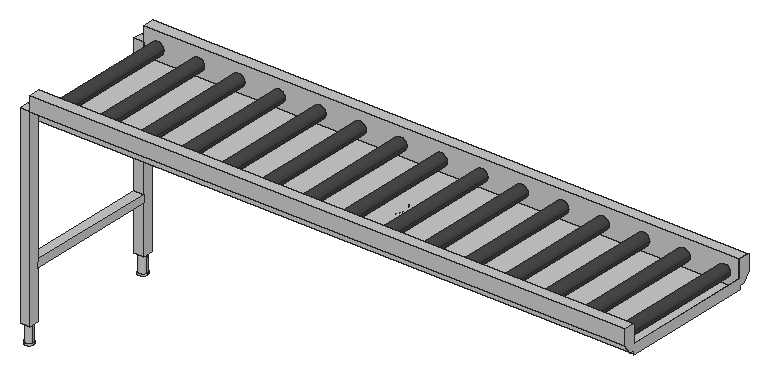
Revit family "QF_ELECTROLUXPROFESSIONAL_863036_HSLRC24", category Specialty Equipment, Revit 2018
Family settings
  Round Connector Dimension = Use Diameter
  Part Type = Normal
  Work Plane-Based = No
  Always vertical = Yes
  Cut with Voids When Loaded = No
  Shared = No
  Room Calculation Point = No
Parameters
  Weight = 0.00 kg
  Watts = 0 W
  Volts = 0 V
  URL Manufacturer = "http://professional.electrolux.com/"
  URL = "http://professional.electrolux.com/"
  Steam Supply Size = 0 mm
  Steam Supply Minimum Pressure = 0.0 Pa
  Steam Supply Maximum Pressure = 0.0 Pa
  Steam Pounds per Hour = 0
  Refrigeration Suction Line Size = 0 mm
  Refrigeration Liquid Line Size = 0 mm
  Refrigerant Compressor Remote = yes
  Manufacturer = "Electrolux"
  Phase = 0
  Model = "HSLRC24"
  Length Actual = 2400 mm  # constant formula
  Item Number = "863036"
  Hot Water Size = 0 mm
  Height Actual = 910 mm  # constant formula
  HP = "0 HP"
  Gas Size = 0 mm
  Gas KW = 0
  Gas Input Pressure = 0 W
  Description = "CONVEYOR, LONG ROLLERS, L=2400 MM"
  Depth Actual = 620 mm  # constant formula
  Cycle = 0 Hz
  Condensate Return Size = 0 mm
  Compressed Air Volume = 0.0 L/s
  Compressed Air Size = 0 mm
  Compressed Air Pressure = 0.0 Pa
  Cold Water Size = 0 mm
  Accessory = yes
Reference planes
  plane 1 "Centro (Fronte/Retro)": y = 74.737
  plane 2: z = 0
  plane 3 "LEFT": x = -1038.761
  plane 4 "BACK": y = 384.737
  plane 5 "FRONT": y = -235.263
  plane 6: z = 910
  plane 7 "RIGHT": x = 1361.239
  plane 8: x = 191.239
Forms (mm)
  Extrusion 1, solid, material "QF_Finishes_Stainless Steel"
    sketch origin (0, 74.737, 0) x (1, 0, 0) y (0, 0, 1)
      loop
        line (-1079.929, 300) -> (-1079.929, 270) -> (-1039.929, 270) -> (-1039.929, 300) -> (-1079.929, 300)
    from -266.504 to 266.46
  Extrusion 2, solid, material "QF_Finishes_Stainless Steel"
    sketch origin (11.239, 0, 0) x (0, 1, 0) y (0, 0, 1)
      loop
        line (-235.263, 910) -> (-235.263, 850.033) -> (-190.242, 850.033) -> (-190.242, 910) -> (-235.263, 910)
      loop
        line (384.737, 910) -> (339.716, 910) -> (339.716, 850.033) -> (384.737, 850.033) -> (384.737, 910)
    from -1050 to 1348.8
  Extrusion 3, solid, material "QF_Finishes_Stainless Steel"
    sketch origin (11.239, 0, 0) x (0, 1, 0) y (0, 0, 1)
      loop
        line (-191.727, 850.033) -> (-191.727, 800.081) -> (341.245, 800.081) -> (341.245, 850.033) -> (339.716, 850.033) -> (339.716, 803.081) -> (-190.242, 803.081) -> (-190.242, 850.033) -> (-191.727, 850.033)
    from -1050 to 1348.8
  Extrusion 4, solid, material "QF_Finishes_Black"
    sketch origin (0, 74.737, 0) x (1, 0, 0) y (0, 0, -1)
      loop
        circle (-980.637, -850.115) r 25
      loop
        circle (-817.512, -850.115) r 25
      loop
        circle (-654.387, -850.115) r 25
      loop
        circle (1303.115, -850.115) r 25
      loop
        circle (650.615, -850.115) r 25
      loop
        circle (813.74, -850.115) r 25
      loop
        circle (976.865, -850.115) r 25
      loop
        circle (1139.99, -850.115) r 25
      loop
        circle (-491.262, -850.115) r 25
      loop
        circle (487.489, -850.115) r 25
      loop
        circle (324.364, -850.115) r 25
      loop
        circle (161.239, -850.115) r 25
      loop
        circle (-328.136, -850.115) r 25
      loop
        circle (-1.886, -850.115) r 25
      loop
        circle (-165.011, -850.115) r 25
    from -260.534 to 260.534
  Extrusion 5, solid, material "QF_Finishes_Stainless Steel"
    sketch origin (2861.239, 723.253, 4000) x (0, 1, 0) y (0, 0, 1)
      loop
        line (-958.516, -3090) -> (-958.516, -3149.967) -> (-934.752, -3185.632) -> (-915.4, -3185.632) -> (-915.4, -3199.919) -> (-381.633, -3199.919) -> (-381.633, -3185.632) -> (-362.281, -3185.632) -> (-338.516, -3149.967) -> (-338.516, -3090) -> (-383.538, -3090) -> (-383.538, -3161.926) -> (-913.495, -3161.926) -> (-913.495, -3090) -> (-958.516, -3090)
    from -1500 to -1501.2
  Revolve 6, solid, material "QF_Finishes_Stainless Steel"
    sketch origin (161.04, 0, 0) x (0, 1, 0) y (0, 0, 1)
      loop
        line (74.737, 800.081) -> (12.53, 800.081) -> (12.319, 797.4) -> (12.319, 785.476) -> (17.293, 785.476) -> (17.293, 781.772)
        arc (17.293, 781.772) -> (20.266, 773.808) -> (27.77, 769.813) r 11.998
        line (27.77, 769.813) -> (74.737, 764.085) -> (74.737, 800.081)
      axis (74.737, 764.085) -> (74.737, 800.081)
    angle from 0 to 360
  Revolve 7, solid, material "QF_Finishes_Stainless Steel"
    sketch origin (191.04, -1524, 744.096) x (0, 0, 1) y (0, -1, 0)
      loop
        line (13.017, -1619.713) -> (30, -1619.713) -> (30, -1598.737) -> (0, -1598.737) -> (0, -1619.713) -> (2.434, -1622.253) -> (10.477, -1622.253) -> (13.017, -1619.713)
      axis (0, -1598.737) -> (30, -1598.737)
    angle from 0 to 360
Cuts and joins
  joined: Extrusion 2, Extrusion 3
Lines and regions (mm)
  Split face 1
    outline origin (1207.614, 339.716, 803.081) x (-1, 0, 0) y (0, -1, 0)
      loop
        circle (1047, 264.904) r 3.016
  Split face 2
    outline origin (1207.614, 339.716, 803.081) x (-1, 0, 0) y (0, -1, 0)
      loop
        circle (1047, 264.904) r 52.991
  Split face 3
    outline origin (1207.614, 339.716, 803.081) x (-1, 0, 0) y (0, -1, 0)
      loop
        circle (1047, 264.904) r 36.015
  Split face 4
    outline origin (1207.614, 339.716, 803.081) x (-1, 0, 0) y (0, -1, 0)
      loop
        circle (1047, 264.904) r 26.027
  Split face 5
    outline origin (1207.614, 339.716, 803.081) x (-1, 0, 0) y (0, -1, 0)
      loop
        circle (1047, 264.904) r 9.056
  Masking region 1
    outline origin (0, 0, 0) x (1, 0, 0) y (0, 1, 0)
      loop
        line (-1038.761, 384.737) -> (-1038.761, -235.263) -> (1361.239, -235.263) -> (1361.239, 384.737) -> (-1038.761, 384.737)
  symbolic lines
    curve 1: line (1361.239, 384.737, 0) -> (-1038.761, 384.737, 0)
    curve 2: line (-1038.761, 384.737, 0) -> (-1038.761, -235.263, 0)
    curve 3: line (-1038.761, 339.716, 0) -> (1361.239, 339.716, 0)
    curve 4: line (-1038.761, -235.263, 0) -> (1361.239, -235.263, 0)
    curve 5: line (1361.239, -235.263, 0) -> (1361.239, 384.737, 0)
    curve 6: line (1361.239, -190.242, 0) -> (-1038.761, -190.242, 0)
    curve 7: line (-955.637, 335.271, 0) -> (-1005.637, 335.271, 0)
    curve 8: line (-1005.637, 335.271, 0) -> (-1005.637, -185.797, 0)
    curve 9: line (-1005.637, -185.797, 0) -> (-955.637, -185.797, 0)
    curve 10: line (-955.637, -185.797, 0) -> (-955.637, 335.271, 0)
    curve 11: line (-792.512, 335.271, 0) -> (-842.512, 335.271, 0)
    curve 12: line (-842.512, 335.271, 0) -> (-842.512, -185.797, 0)
    curve 13: line (-842.512, -185.797, 0) -> (-792.512, -185.797, 0)
    curve 14: line (-792.512, -185.797, 0) -> (-792.512, 335.271, 0)
    curve 15: line (-629.387, 335.271, 0) -> (-679.387, 335.271, 0)
    curve 16: line (-679.387, 335.271, 0) -> (-679.387, -185.797, 0)
    curve 17: line (-679.387, -185.797, 0) -> (-629.387, -185.797, 0)
    curve 18: line (-629.387, -185.797, 0) -> (-629.387, 335.271, 0)
    curve 19: line (1328.115, 335.271, 0) -> (1278.115, 335.271, 0)
    curve 20: line (1278.115, 335.271, 0) -> (1278.115, -185.797, 0)
    curve 21: line (1278.115, -185.797, 0) -> (1328.115, -185.797, 0)
    curve 22: line (1328.115, -185.797, 0) -> (1328.115, 335.271, 0)
    curve 23: line (1361.239, 74.737, 0) -> (1331.239, 74.737, 0)
    curve 24: line (-1038.761, 74.737, 0) -> (-1008.761, 74.737, 0)
    curve 25: arc (160.596, 137.156, 0) -> (223.014, 74.737, 0) -> (160.596, 12.319, 0) r 62.418
    curve 26: arc (160.596, 12.319, 0) -> (98.177, 74.737, 0) -> (160.596, 137.156, 0) r 62.418
    curve 27: arc (190.596, 95.713, 0) -> (169.62, 74.737, 0) -> (190.596, 53.761, 0) r 20.976
    curve 28: arc (190.596, 53.761, 0) -> (211.572, 74.737, 0) -> (190.596, 95.713, 0) r 20.976
    curve 29: line (-466.262, 335.271, 0) -> (-516.262, 335.271, 0)
    curve 30: line (-516.262, 335.271, 0) -> (-516.262, -185.797, 0)
    curve 31: line (-516.262, -185.797, 0) -> (-466.262, -185.797, 0)
    curve 32: line (-466.262, -185.797, 0) -> (-466.262, 335.271, 0)
    curve 33: line (-303.136, 335.271, 0) -> (-353.136, 335.271, 0)
    curve 34: line (-353.136, 335.271, 0) -> (-353.136, -185.797, 0)
    curve 35: line (-353.136, -185.797, 0) -> (-303.136, -185.797, 0)
    curve 36: line (-303.136, -185.797, 0) -> (-303.136, 335.271, 0)
    curve 37: line (-140.011, 335.271, 0) -> (-190.011, 335.271, 0)
    curve 38: line (-190.011, 335.271, 0) -> (-190.011, -185.797, 0)
    curve 39: line (-190.011, -185.797, 0) -> (-140.011, -185.797, 0)
    curve 40: line (-140.011, -185.797, 0) -> (-140.011, 335.271, 0)
    curve 41: line (23.114, 335.271, 0) -> (-26.886, 335.271, 0)
    curve 42: line (-26.886, 335.271, 0) -> (-26.886, -185.797, 0)
    curve 43: line (-26.886, -185.797, 0) -> (23.114, -185.797, 0)
    curve 44: line (23.114, -185.797, 0) -> (23.114, 335.271, 0)
    curve 45: line (186.239, 335.271, 0) -> (136.239, 335.271, 0)
    curve 46: line (136.239, 335.271, 0) -> (136.239, -185.797, 0)
    curve 47: line (136.239, -185.797, 0) -> (186.239, -185.797, 0)
    curve 48: line (186.239, -185.797, 0) -> (186.239, 335.271, 0)
    curve 49: line (349.364, 335.271, 0) -> (299.364, 335.271, 0)
    curve 50: line (299.364, 335.271, 0) -> (299.364, -185.797, 0)
    curve 51: line (299.364, -185.797, 0) -> (349.364, -185.797, 0)
    curve 52: line (349.364, -185.797, 0) -> (349.364, 335.271, 0)
    curve 53: line (512.489, 335.271, 0) -> (462.489, 335.271, 0)
    curve 54: line (462.489, 335.271, 0) -> (462.489, -185.797, 0)
    curve 55: line (462.489, -185.797, 0) -> (512.489, -185.797, 0)
    curve 56: line (512.489, -185.797, 0) -> (512.489, 335.271, 0)
    curve 57: line (675.615, 335.271, 0) -> (625.615, 335.271, 0)
    curve 58: line (625.615, 335.271, 0) -> (625.615, -185.797, 0)
    curve 59: line (625.615, -185.797, 0) -> (675.615, -185.797, 0)
    curve 60: line (675.615, -185.797, 0) -> (675.615, 335.271, 0)
    curve 61: line (838.74, 335.271, 0) -> (788.74, 335.271, 0)
    curve 62: line (788.74, 335.271, 0) -> (788.74, -185.797, 0)
    curve 63: line (788.74, -185.797, 0) -> (838.74, -185.797, 0)
    curve 64: line (838.74, -185.797, 0) -> (838.74, 335.271, 0)
    curve 65: line (1001.865, 335.271, 0) -> (951.865, 335.271, 0)
    curve 66: line (951.865, 335.271, 0) -> (951.865, -185.797, 0)
    curve 67: line (951.865, -185.797, 0) -> (1001.865, -185.797, 0)
    curve 68: line (1001.865, -185.797, 0) -> (1001.865, 335.271, 0)
    curve 69: line (1164.99, 335.271, 0) -> (1114.99, 335.271, 0)
    curve 70: line (1114.99, 335.271, 0) -> (1114.99, -185.797, 0)
    curve 71: line (1114.99, -185.797, 0) -> (1164.99, -185.797, 0)
    curve 72: line (1164.99, -185.797, 0) -> (1164.99, 335.271, 0)
Dimensions and locks
  plane 3 "LEFT" to plane 7 "RIGHT" = 2400 mm
  equal spacing: plane 4 "BACK", plane 1 "Centro (Fronte/Retro)", plane 5 "FRONT"
  plane 4 "BACK" to plane 5 "FRONT" = 620 mm
  locked: Extrusion 4 sketch curve to plane 3 "LEFT" at 58.124
  locked: plane 7 "RIGHT" to Extrusion 4 sketch curve at 58.124
  equal spacing: Extrusion 4 sketch curve, Extrusion 4 sketch curve, Extrusion 4 sketch curve, Extrusion 4 sketch curve, Extrusion 4 sketch curve, Extrusion 4 sketch curve, Extrusion 4 sketch curve, Extrusion 4 sketch curve, Extrusion 4 sketch curve, Extrusion 4 sketch curve, Extrusion 4 sketch curve, Extrusion 4 sketch curve, Extrusion 4 sketch curve, Extrusion 4 sketch curve, Extrusion 4 sketch curve
  aligned and locked: level to plane 2
Automatic sketch dimensions
  Extrusion 1 sketch curve to plane 3 "LEFT" = 41.168 mm
  Extrusion 1 sketch curve to plane 3 "LEFT" = 1.168 mm
  level to Extrusion 1 sketch curve = 270 mm
  Extrusion 1 sketch curve to Extrusion 1 sketch curve = 30 mm
  Extrusion 2 sketch curve to plane 5 "FRONT" = 0 mm
  Extrusion 2 sketch curve to plane 6 = 0 mm  (x2)
  Extrusion 2 sketch curve to plane 4 "BACK" = 0 mm
  plane 5 "FRONT" to Extrusion 2 sketch curve = 45.021 mm
  Extrusion 2 sketch curve to plane 4 "BACK" = 45.021 mm
  Extrusion 2 sketch curve to Extrusion 2 sketch curve = 59.967 mm  (x2)
  plane 5 "FRONT" to Extrusion 3 sketch curve = 43.536 mm
  Extrusion 3 sketch curve to Extrusion 3 sketch curve = 1.486 mm
  Extrusion 3 sketch curve to plane 4 "BACK" = 45.021 mm
  Extrusion 3 sketch curve to Extrusion 3 sketch curve = 1.529 mm
  Extrusion 3 sketch curve to plane 6 = 109.919 mm
  Extrusion 3 sketch curve to Extrusion 3 sketch curve = 3 mm
  Extrusion 3 sketch curve to Extrusion 3 sketch curve = 46.952 mm  (x2)
  Split face 1 sketch curve to cut or joined group of Extrusion 2, Extrusion 3 = 1199.425 mm
  cut or joined group of Extrusion 2, Extrusion 3 to Split face 1 sketch curve = 264.904 mm
  Split face 2 sketch curve to cut or joined group of Extrusion 2, Extrusion 3 = 1199.425 mm
  cut or joined group of Extrusion 2, Extrusion 3 to Split face 2 sketch curve = 264.904 mm
  Split face 3 sketch curve to cut or joined group of Extrusion 2, Extrusion 3 = 1199.425 mm
  cut or joined group of Extrusion 2, Extrusion 3 to Split face 3 sketch curve = 264.904 mm
  Split face 4 sketch curve to cut or joined group of Extrusion 2, Extrusion 3 = 1199.425 mm
  cut or joined group of Extrusion 2, Extrusion 3 to Split face 4 sketch curve = 264.904 mm
  Split face 5 sketch curve to cut or joined group of Extrusion 2, Extrusion 3 = 1199.425 mm
  cut or joined group of Extrusion 2, Extrusion 3 to Split face 5 sketch curve = 264.904 mm
  Masking region 1 sketch curve to plane 3 "LEFT" = 0 mm
  Masking region 1 sketch curve to plane 5 "FRONT" = 0 mm
  Masking region 1 sketch curve to plane 7 "RIGHT" = 0 mm
  Masking region 1 sketch curve to plane 4 "BACK" = 0 mm
  Extrusion 5 sketch curve to plane 5 "FRONT" = 0 mm
  Extrusion 5 sketch curve to plane 6 = 0 mm  (x2)
  Extrusion 5 sketch curve to plane 4 "BACK" = 0 mm
  plane 5 "FRONT" to Extrusion 5 sketch curve = 23.764 mm
  Extrusion 5 sketch curve to Extrusion 5 sketch curve = 19.352 mm  (x2)
  plane 5 "FRONT" to Extrusion 5 sketch curve = 45.021 mm
  Extrusion 5 sketch curve to plane 4 "BACK" = 45.021 mm
  Extrusion 5 sketch curve to Extrusion 5 sketch curve = 1.905 mm
  Extrusion 5 sketch curve to Extrusion 5 sketch curve = 59.967 mm  (x2)
  Extrusion 5 sketch curve to Extrusion 5 sketch curve = 11.959 mm
  Extrusion 5 sketch curve to Extrusion 5 sketch curve = 23.706 mm  (x2)
  Extrusion 5 sketch curve to Extrusion 5 sketch curve = 14.287 mm
  Revolve 6 sketch curve to plane 1 "Centro (Fronte/Retro)" = 0 mm  (x2)
  plane 1 "Centro (Fronte/Retro)" to Revolve 6 sketch curve = 45.447 mm
  Revolve 6 sketch curve to Revolve 6 sketch curve = 1.52 mm
  Revolve 6 sketch curve to Revolve 6 sketch curve = 11.998 mm
  Revolve 6 sketch curve to Revolve 6 sketch curve = 4.762 mm
  Revolve 6 sketch curve to Revolve 6 sketch curve = 4.974 mm
  Revolve 6 sketch curve to plane 6 = 145.915 mm
  Revolve 6 sketch curve to Revolve 6 sketch curve = 5.727 mm
  Revolve 6 sketch curve to Revolve 6 sketch curve = 11.901 mm
  Revolve 6 sketch curve to Revolve 6 sketch curve = 3.704 mm
  Revolve 6 sketch curve to Revolve 6 sketch curve = 11.924 mm
  Revolve 6 sketch curve to Revolve 6 sketch curve = 2.681 mm
  Revolve 6 sketch curve to Revolve 6 sketch curve = 3 mm
  Revolve 6 sketch curve to Revolve 6 sketch curve = 14.991 mm
  Revolve 7 sketch curve to plane 1 "Centro (Fronte/Retro)" = 0 mm  (x2)
  Revolve 7 sketch curve to plane 1 "Centro (Fronte/Retro)" = 20.976 mm
  Revolve 7 sketch curve to plane 6 = 165.904 mm
  Revolve 7 sketch curve to plane 1 "Centro (Fronte/Retro)" = 23.516 mm
  Revolve 7 sketch curve to Revolve 7 sketch curve = 2.434 mm
  Revolve 7 sketch curve to Revolve 7 sketch curve = 8.043 mm
  Revolve 7 sketch curve to Revolve 7 sketch curve = 2.54 mm  (x2)
  Revolve 7 sketch curve to Revolve 7 sketch curve = 16.983 mm
  Revolve 7 sketch curve to Revolve 7 sketch curve = 3.127 mm
  Revolve 7 sketch curve to Revolve 7 sketch curve = 7.343 mm
  Extrusion 4 sketch curve to plane 6 = 59.885 mm  (x15)
  curve 25 to curve 26 = 0 mm  (x2)
  curve 27 to curve 28 = 0 mm  (x2)
  curve 4 to plane 3 "LEFT" = 0 mm
  plane 1 "Centro (Fronte/Retro)" to curve 24 = 0 mm
  plane 1 "Centro (Fronte/Retro)" to curve 25 = 0 mm
  plane 1 "Centro (Fronte/Retro)" to curve 28 = 0 mm
  plane 1 "Centro (Fronte/Retro)" to curve 23 = 0 mm
  curve 6 to plane 7 "RIGHT" = 0 mm
  plane 5 "FRONT" to curve 4 = 0 mm
  curve 2 to plane 4 "BACK" = 0 mm
  plane 3 "LEFT" to curve 9 = 33.124 mm
  curve 7 to curve 10 = 50 mm
  plane 5 "FRONT" to curve 12 = 49.466 mm
  curve 9 to curve 12 = 113.125 mm
  curve 11 to curve 11 = 50 mm
  plane 5 "FRONT" to curve 16 = 49.466 mm
  curve 13 to curve 16 = 113.125 mm
  curve 15 to curve 15 = 50 mm
  plane 5 "FRONT" to curve 30 = 49.466 mm
  curve 17 to curve 30 = 113.125 mm
  curve 29 to curve 29 = 50 mm
  plane 5 "FRONT" to curve 34 = 49.466 mm
  curve 31 to curve 34 = 113.125 mm
  curve 33 to curve 33 = 50 mm
  curve 37 to plane 4 "BACK" = 49.466 mm
  curve 33 to curve 37 = 113.125 mm
  curve 38 to curve 39 = 50 mm
  curve 41 to plane 4 "BACK" = 49.466 mm
  curve 37 to curve 41 = 113.125 mm
  curve 42 to curve 43 = 50 mm
  curve 46 to plane 8 = 55 mm
  curve 25 to plane 8 = 30.643 mm
  curve 48 to plane 8 = 5 mm
  curve 28 to plane 8 = 0.643 mm
  curve 50 to plane 4 "BACK" = 49.466 mm
  plane 8 to curve 50 = 108.125 mm
  curve 50 to curve 52 = 50 mm
  curve 53 to plane 4 "BACK" = 49.466 mm
  curve 49 to curve 53 = 113.125 mm
  curve 53 to curve 56 = 50 mm
  curve 58 to plane 4 "BACK" = 49.466 mm
  curve 53 to curve 58 = 113.125 mm
  curve 58 to curve 59 = 50 mm
  curve 61 to plane 4 "BACK" = 49.466 mm
  curve 57 to curve 61 = 113.125 mm
  curve 61 to curve 64 = 50 mm
  curve 65 to plane 4 "BACK" = 49.466 mm
  curve 61 to curve 65 = 113.125 mm
  curve 65 to curve 65 = 50 mm
  curve 69 to plane 4 "BACK" = 49.466 mm
  curve 65 to curve 69 = 113.125 mm
  curve 69 to curve 69 = 50 mm
  curve 20 to plane 7 "RIGHT" = 83.124 mm
  curve 21 to plane 7 "RIGHT" = 33.124 mm
  plane 5 "FRONT" to curve 71 = 49.466 mm
  plane 5 "FRONT" to curve 67 = 49.466 mm
  plane 5 "FRONT" to curve 64 = 49.466 mm
  plane 5 "FRONT" to curve 8 = 49.466 mm
  plane 5 "FRONT" to curve 60 = 49.466 mm
  plane 5 "FRONT" to curve 56 = 49.466 mm
  plane 5 "FRONT" to curve 52 = 49.466 mm
  plane 5 "FRONT" to curve 20 = 49.466 mm
  plane 5 "FRONT" to curve 48 = 49.466 mm
  plane 5 "FRONT" to curve 44 = 49.466 mm
  plane 5 "FRONT" to curve 40 = 49.466 mm
  curve 36 to plane 4 "BACK" = 49.466 mm
  curve 29 to plane 4 "BACK" = 49.466 mm
  curve 45 to plane 4 "BACK" = 49.466 mm
  curve 22 to plane 4 "BACK" = 49.466 mm
  curve 18 to plane 4 "BACK" = 49.466 mm
  curve 14 to plane 4 "BACK" = 49.466 mm
  curve 10 to plane 4 "BACK" = 49.466 mm
  plane 3 "LEFT" to curve 24 = 30 mm
  curve 23 to plane 7 "RIGHT" = 30 mm
  curve 6 to curve 21 = 4.445 mm
  curve 26 to curve 25 = 62.418 mm
  curve 28 to curve 27 = 20.976 mm
  curve 19 to curve 3 = 4.445 mm
  radius of Split face 1 sketch curve = 3.016 mm
  radius of Split face 2 sketch curve = 52.991 mm
  radius of Split face 3 sketch curve = 36.015 mm
  radius of Split face 4 sketch curve = 26.027 mm
  radius of Split face 5 sketch curve = 9.056 mm
  radius of Extrusion 4 sketch curve = 25 mm  (x15)
Nested families
  nested 1: "Foot_40x40" at (-1059.929, 361.245, 0), type "Foot_40x40"
    with A 850.033 mm
  nested 2: "Foot_40x40" at (-1059.929, -211.771, 0), type "Foot_40x40"
    with A 850.033 mm
  nested 3: "Foot_40x40" at (-1059.929, 361.288, 0), type "Foot_40x40"
    with A 850.033 mm
Connectors
  piping at (191.04, 74.737, 744.096), diameter 30
    settings: on Revolve 7, index 4, connector inside diameter 609.6 mm, connector length 0 mm, flow factor 0, pipe flow 0.0 L/s, pressure drop 0.0 Pa, fitting loss kfactor 0, connector angle 0.00°, fixture units 0, engagement length 0 mm, angle of deflection 0.00°, flow configuration 1, flow direction 2, fitting loss method 0, system type 16, joint type 0, gender type 0, connector reference index -1, connector utility 0, adjustable connector no, is connector primary yes, connector description "Drain"
Definition of nested family "Foot_40x40"
  Parameters
    A [instance] = 850 mm
  Reference planes
    plane 1 "Centro (Fronte/Retro)": y = 0
    plane 2: z = 0
    plane 3 "Centro (Sinistra/Destra)": x = 0
    plane 4: z = 850
  Forms (mm)
    Extrusion 1, solid
      sketch origin (0, 0, 0) x (1, 0, 0) y (0, 1, 0)
        loop
          circle (0, 0) r 18
      from 0 to 5
    Extrusion 2, solid
      sketch origin (0, 0, 5) x (1, 0, 0) y (0, 1, 0)
        loop
          circle (0, 0) r 15
      from 0 to 70
    Extrusion 3, solid
      sketch origin (0, 0, 75) x (1, 0, 0) y (0, 1, 0)
        loop
          line (-20, 20) -> (-20, -20) -> (20, -20) -> (20, 20) -> (-20, 20)
      from 0 to 775
  Dimensions and locks
    "A": plane 4 to plane 2
    aligned and locked: level to plane 2
    aligned and locked: plane 4 to Extrusion 3
    aligned and locked: Extrusion 1 to level
  Automatic sketch dimensions
    plane 1 "Centro (Fronte/Retro)" to Extrusion 1 sketch curve = 0 mm
    Extrusion 1 sketch curve to plane 3 "Centro (Sinistra/Destra)" = 0 mm
    Extrusion 3 sketch curve to Extrusion 3 sketch curve = 40 mm  (x2)
    radius of Extrusion 1 sketch curve = 18 mm
    radius of Extrusion 2 sketch curve to Extrusion 1 = 3 mm
